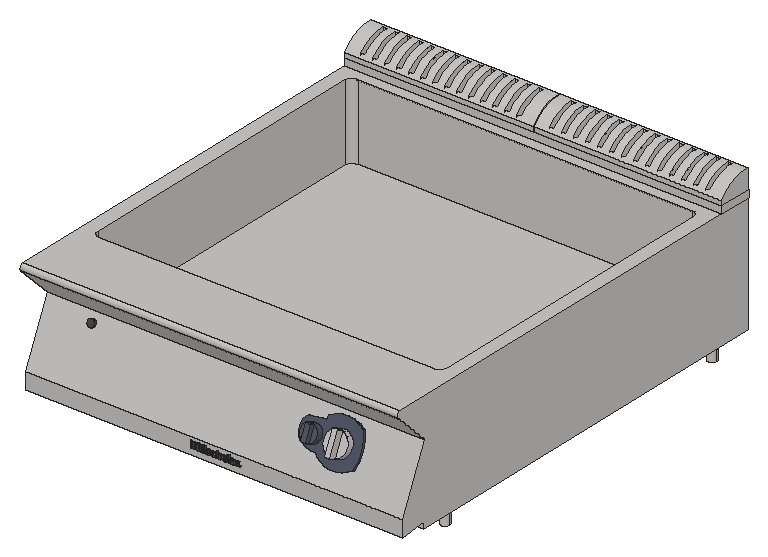
Revit family "QF_ELECTROLUXPROFESSIONAL_391110_E9BMGHB000", category Specialty Equipment, Revit 2018 (continued)
Automatic sketch dimensions
  plane 1 "BACK" to curve 116 = 6.761 mm
  curve 109 to curve 116 = 16.193 mm
  curve 114 to curve 114 = 9.296 mm
  curve 113 to curve 100 = 16.143 mm
  curve 99 to curve 100 = 9.296 mm
  plane 1 "BACK" to curve 93 = 6.761 mm
  curve 97 to curve 93 = 16.193 mm
  curve 93 to curve 94 = 9.296 mm
  plane 1 "BACK" to curve 89 = 6.761 mm
  plane 16 to curve 89 = 15.952 mm
  plane 16 to curve 90 = 6.656 mm
  curve 88 to plane 16 = 9.536 mm
  curve 85 to curve 87 = 9.296 mm
  plane 1 "BACK" to curve 84 = 6.761 mm
  curve 87 to curve 84 = 16.193 mm
  curve 81 to curve 83 = 9.296 mm
  plane 10 to curve 80 = 12.487 mm
  plane 10 to curve 78 = 3.191 mm
  curve 35 to plane 10 = 7 mm
  curve 38 to plane 10 = 7 mm
  curve 73 to plane 10 = 13.001 mm
  curve 37 to curve 36 = 15 mm
  curve 73 to curve 74 = 9.296 mm
  plane 14 to curve 129 = 22.689 mm
  plane 14 to curve 15 = 28.628 mm
  plane 14 to curve 111 = 28.628 mm
  curve 14 to curve 16 = 0 mm
  curve 107 to curve 110 = 0 mm
  curve 16 to curve 20 = 0 mm
  curve 103 to curve 106 = 0 mm
  curve 20 to curve 24 = 0 mm
  plane 14 to curve 100 = 28.628 mm
  curve 24 to curve 28 = 0 mm
  curve 113 to curve 99 = 0 mm
  curve 117 to curve 102 = 0 mm
  curve 10 to curve 12 = 0 mm
  plane 14 to curve 125 = 28.628 mm
  curve 121 to curve 118 = 0 mm
  curve 28 to curve 41 = 0 mm
  curve 97 to curve 95 = 0 mm
  curve 94 to curve 91 = 0 mm
  plane 14 to curve 45 = 28.628 mm
  curve 90 to curve 87 = 0 mm
  curve 49 to curve 45 = 0 mm
  curve 86 to curve 83 = 0 mm
  curve 53 to curve 49 = 0 mm
  curve 82 to curve 80 = 0 mm
  curve 43 to curve 57 = 0 mm
  curve 46 to curve 61 = 0 mm
  curve 77 to curve 75 = 0 mm
  curve 62 to curve 65 = 0 mm
  curve 66 to curve 71 = 0 mm
  plane 1 "BACK" to curve 69 = 6.761 mm
  plane 1 "BACK" to curve 68 = 6.761 mm
  plane 1 "BACK" to curve 73 = 6.761 mm
  plane 1 "BACK" to curve 64 = 6.761 mm
  plane 1 "BACK" to curve 77 = 6.761 mm
  plane 1 "BACK" to curve 56 = 6.761 mm
  plane 1 "BACK" to curve 85 = 6.761 mm
  plane 1 "BACK" to curve 43 = 6.761 mm
  plane 1 "BACK" to curve 97 = 6.761 mm
  plane 1 "BACK" to curve 19 = 6.761 mm
  plane 1 "BACK" to curve 117 = 6.761 mm
  radius of Extrusion 2 sketch curve = 9.525 mm  (x4)
  radius of Extrusion 5 sketch curve = 9.525 mm
  radius of Extrusion 7 sketch curve = 25 mm
  radius of Extrusion 11 sketch curve = 25.4 mm
  radius of Extrusion 12 sketch curve to Extrusion 11 = 0 mm  (x2)
  radius of Extrusion 13 sketch curve = 18.37 mm
  radius of Extrusion 16 sketch curve = 7.5 mm
Connectors
  piping at (748, -664, 4), diameter 19
    settings: on Extrusion 5, index 1, connector inside diameter 0.74803", connector length 0 mm, flow factor 0, pipe flow 0 GPM, pressure drop 0.00 psi, fitting loss kfactor 0, connector angle 0.00°, fixture units 0, engagement length 0 mm, angle of deflection 0.00°, flow configuration 1, flow direction 1, fitting loss method 0, system type 7, joint type 0, gender type 0, connector reference index -1, connector utility 0, adjustable connector no, is connector primary yes, connector description "GAS CONNECTION"
  piping at (675, -138, 4), diameter 50
    settings: on Extrusion 7, index 2, connector inside diameter 1.9685", connector length 0 mm, flow factor 0, pipe flow 0 GPM, pressure drop 0.00 psi, fitting loss kfactor 0, connector angle 0.00°, fixture units 0, engagement length 0 mm, angle of deflection 0.00°, flow configuration 1, flow direction 2, fitting loss method 0, system type 16, joint type 0, gender type 0, connector reference index -1, connector utility 0, adjustable connector no, is connector primary no, connector description "DRAIN"
